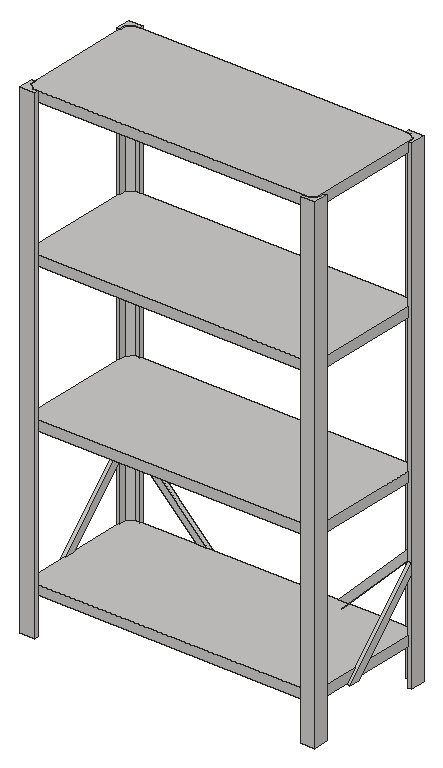
Revit family "QF_ZANUSSI_132946_NSC1170", category Attrezzature speciali, Revit 2020
Family settings
  Quota connettore circolare = Usa diametro
  Tipo di parte = Normale
  Basato su piano di lavoro = No
  Sempre verticale = Sì
  Taglio con vuoti quando caricato = No
  Condiviso = No
  Punto di calcolo locali = No
Parameters (values of type "Standard")
  Weight = 37.00 kg
  Watts = 0 W
  Volts = 0 V
  URL Manufacturer = "http://www.zanussiprofessional.com"
  URL = "http://www.zanussiprofessional.com"
  Steam Supply Size = 0 mm
  Steam Supply Minimum Pressure = 0.0 Pa
  Steam Supply Maximum Pressure = 0.0 Pa
  Steam Consumption per Hour = 0
  Refrigeration Suction Line Size = 0.0 mm
  Refrigeration Liquid Line Size = 0.0 mm
  Refrigerant Compressor Remote = yes
  Prospetto di default = 0.0 mm
  Phase = 0
  Modello = "NSC1170"
  Produttore = "Zanussi"
  Length Actual = 1200.0 mm  # constant formula
  Item Number = "132946"
  Hot Water Size = 0 mm
  Height Actual = 1990.0 mm  # constant formula
  HP = "0 HP"
  Gas Size = 0 mm
  Gas KW = 0
  Gas Input Pressure = 0 W
  Direct Waste Size = 0 mm
  Descrizione = "S/S SHELVING WITH 4 SOLID SHELVES, 1170MM"
  Depth Actual = 550.0 mm  # constant formula
  Cycle = 0 Hz
  Condensate Return Size = 0 mm
  Compressed Air Volume = 0.0 L/s
  Compressed Air Size = 0 mm
  Compressed Air Pressure = 0.0 Pa
  Cold Water Size = 0 mm
  Accessory = yes
Reference planes
  plane 1 "Center (Front/Back)": y = 0
  plane 2: z = 0
  plane 3 "Center (Left/Right)": x = 0
  plane 4 "LEFT": x = -600
  plane 5 "RIGHT": x = 600
  plane 6 "BACK": y = 275
  plane 7 "FRONT": y = -275
  plane 8 "L1": z = 190
  plane 9 "TOP": z = 1990
  plane 10 "L2": z = 790
  plane 11 "L3": z = 1390
  plane 12: x = 540
  plane 13: y = -215
  plane 14: y = 215
  plane 15: x = -540
Forms (mm)
  Extrusion 1, solid, material "QF_Finishes_Stainless Steel"
    sketch origin (0, 0, 0) x (1, 0, 0) y (0, 1, 0)
      loop
        line (-600, 275) -> (-600, 215) -> (-585, 215) -> (-585, 237.5) -> (-562.5, 260) -> (-540, 260) -> (-540, 275) -> (-600, 275)
      loop
        line (-600, -275) -> (-540, -275) -> (-540, -260) -> (-562.5, -260) -> (-585, -237.5) -> (-585, -215) -> (-600, -215) -> (-600, -275)
    from 0 to 1990
  Extrusion 2, solid, material "QF_Finishes_Stainless Steel"
    sketch origin (0, 0, 1990) x (0, 1, 0) y (-1, 0, 0)
      loop
        line (-237.5, 585) -> (-260, 562.5) -> (-260, -562.5) -> (-237.5, -585) -> (237.5, -585) -> (260, -562.5) -> (260, 562.5) -> (237.5, 585) -> (-237.5, 585)
    from 0 to -40
  Extrusion 3, solid, material "QF_Finishes_Stainless Steel"
    sketch origin (0, 275, 0) x (1, 0, 0) y (0, 0, -1)
      loop
        line (270.026, -150) -> (227.6, -150) -> (557.678, -480.078) -> (578.891, -458.864) -> (270.026, -150)
    from 0 to -15
  Extrusion 4, solid, material "QF_Finishes_Stainless Steel"
    sketch origin (-600, 0, 0) x (0, 1, 0) y (0, 0, 1)
      loop
        line (-54.974, 150) -> (253.891, 458.864) -> (232.678, 480.078) -> (-97.4, 150) -> (-54.974, 150)
    from 0 to 15
  Extrusion 5, solid, material "QF_Finishes_Stainless Steel"
    sketch origin (600, 0, 0) x (0, 1, 0) y (0, 0, 1)
      loop
        line (-54.974, 150) -> (253.891, 458.864) -> (232.678, 480.078) -> (-97.4, 150) -> (-54.974, 150)
    from 0 to -15
  Extrusion 6, solid, material "QF_Finishes_Stainless Steel"
    sketch origin (0, 0, 0) x (-1, 0, 0) y (0, -1, 0)
      loop
        line (-600, -275) -> (-540, -275) -> (-540, -260) -> (-562.5, -260) -> (-585, -237.5) -> (-585, -215) -> (-600, -215) -> (-600, -275)
      loop
        line (-600, 275) -> (-600, 215) -> (-585, 215) -> (-585, 237.5) -> (-562.5, 260) -> (-540, 260) -> (-540, 275) -> (-600, 275)
    from 0 to 1990
  Extrusion 7, solid, material "QF_Finishes_Stainless Steel"
    sketch origin (0, 0, 190) x (0, 1, 0) y (-1, 0, 0)
      loop
        line (-237.5, 585) -> (-260, 562.5) -> (-260, -562.5) -> (-237.5, -585) -> (237.5, -585) -> (260, -562.5) -> (260, 562.5) -> (237.5, 585) -> (-237.5, 585)
    from 0 to -40
  Extrusion 8, solid, material "QF_Finishes_Stainless Steel"
    sketch origin (0, 0, 790) x (0, 1, 0) y (-1, 0, 0)
      loop
        line (-237.5, 585) -> (-260, 562.5) -> (-260, -562.5) -> (-237.5, -585) -> (237.5, -585) -> (260, -562.5) -> (260, 562.5) -> (237.5, 585) -> (-237.5, 585)
    from 0 to -40
  Extrusion 9, solid, material "QF_Finishes_Stainless Steel"
    sketch origin (0, 0, 1390) x (0, 1, 0) y (-1, 0, 0)
      loop
        line (-237.5, 585) -> (-260, 562.5) -> (-260, -562.5) -> (-237.5, -585) -> (237.5, -585) -> (260, -562.5) -> (260, 562.5) -> (237.5, 585) -> (-237.5, 585)
    from 0 to -40
  Extrusion 10, solid, material "QF_Finishes_Stainless Steel"
    sketch origin (0, 275, 0) x (-1, 0, 0) y (0, 0, 1)
      loop
        line (270.026, 150) -> (578.891, 458.864) -> (557.678, 480.078) -> (227.6, 150) -> (270.026, 150)
    from 0 to -15
Cuts and joins
  joined: Extrusion 1, Extrusion 3, Extrusion 4, Extrusion 5
Lines and regions (mm)
  symbolic lines
    curve 1: line (-600, 215, 190) -> (-600, 275, 190)
    curve 2: line (-600, 275, 190) -> (-540, 275, 190)
    curve 3: line (-540, 275, 190) -> (-540, 260, 190)
    curve 4: line (-540, 260, 190) -> (-562.5, 260, 190)
    curve 5: line (-562.5, 260, 190) -> (-585, 237.5, 190)
    curve 6: line (-585, 237.5, 190) -> (-585, 215, 190)
    curve 7: line (-585, 215, 190) -> (-600, 215, 190)
    curve 8: line (-600, -215, 190) -> (-585, -215, 190)
    curve 9: line (-585, -215, 190) -> (-585, -237.5, 190)
    curve 10: line (-585, -237.5, 190) -> (-562.5, -260, 190)
    curve 11: line (-562.5, -260, 190) -> (-540, -260, 190)
    curve 12: line (-540, -260, 190) -> (-540, -275, 190)
    curve 13: line (-540, -275, 190) -> (-600, -275, 190)
    curve 14: line (-600, -275, 190) -> (-600, -215, 190)
    curve 15: line (540, -275, 190) -> (600, -275, 190)
    curve 16: line (600, -275, 190) -> (600, -215, 190)
    curve 17: line (600, -215, 190) -> (585, -215, 190)
    curve 18: line (585, -215, 190) -> (585, -237.5, 190)
    curve 19: line (585, -237.5, 190) -> (562.5, -260, 190)
    curve 20: line (562.5, -260, 190) -> (540, -260, 190)
    curve 21: line (540, -260, 190) -> (540, -275, 190)
    curve 22: line (540, 275, 190) -> (540, 260, 190)
    curve 23: line (540, 260, 190) -> (562.5, 260, 190)
    curve 24: line (562.5, 260, 190) -> (585, 237.5, 190)
    curve 25: line (585, 237.5, 190) -> (585, 215, 190)
    curve 26: line (585, 215, 190) -> (600, 215, 190)
    curve 27: line (600, 215, 190) -> (600, 275, 190)
    curve 28: line (600, 275, 190) -> (540, 275, 190)
    curve 29: line (-540, 260, 190) -> (540, 260, 190)
    curve 30: line (585, 215, 190) -> (585, -215, 190)
    curve 31: line (540, -260, 190) -> (-540, -260, 190)
    curve 32: line (-585, -215, 190) -> (-585, 215, 190)
    curve 33: line (-600, -275, 190) -> (600, 275, 190)
Dimensions and locks
  plane 4 "LEFT" to plane 5 "RIGHT" = 1200.0 mm
  equal spacing: plane 4 "LEFT", plane 3 "Center (Left/Right)", plane 5 "RIGHT"
  equal spacing: plane 6 "BACK", plane 1 "Center (Front/Back)", plane 7 "FRONT"
  plane 6 "BACK" to plane 7 "FRONT" = 550.0 mm
  locked: plane 8 "L1" to level at 190
  locked: plane 9 "TOP" to level at 1990
  plane 9 "TOP" to plane 11 "L3" to plane 10 "L2" to plane 8 "L1" = 600.0 mm, 600.0 mm, 600.0 mm
  locked: cut or joined group of Extrusion 1, Extrusion 3, Extrusion 4, Extrusion 5 to cut or joined group of Extrusion 1, Extrusion 3, Extrusion 4, Extrusion 5 at 30
  locked: plane 5 "RIGHT" to Extrusion 3 sketch curve at 329.974
  locked: plane 6 "BACK" to plane 14 at 60
  locked: plane 13 to plane 7 "FRONT" at 60
  locked: plane 15 to plane 4 "LEFT" at 60
  locked: plane 5 "RIGHT" to plane 12 at 60
  locked: plane 8 "L1" to cut or joined group of Extrusion 1, Extrusion 3, Extrusion 4, Extrusion 5 (angle 45.00°)
  aligned and locked: level to plane 2
  aligned and locked: plane 4 "LEFT" to cut or joined group of Extrusion 1, Extrusion 3, Extrusion 4, Extrusion 5
  aligned and locked: cut or joined group of Extrusion 1, Extrusion 3, Extrusion 4, Extrusion 5 to plane 15
Automatic sketch dimensions
  Extrusion 1 sketch curve to plane 4 "LEFT" = 0.0 mm  (x2)
  Extrusion 1 sketch curve to plane 13 = 0.0 mm
  Extrusion 1 sketch curve to plane 14 = 0.0 mm
  Extrusion 1 sketch curve to plane 15 = 0.0 mm  (x2)
  Extrusion 1 sketch curve to plane 6 "BACK" = 0.0 mm
  Extrusion 1 sketch curve to plane 7 "FRONT" = 0.0 mm
  plane 4 "LEFT" to Extrusion 1 sketch curve = 15.0 mm  (x2)
  plane 15 to Extrusion 1 sketch curve = 22.5 mm  (x2)
  plane 7 "FRONT" to Extrusion 1 sketch curve = 15.0 mm
  Extrusion 1 sketch curve to Extrusion 1 sketch curve = 22.5 mm
  plane 14 to Extrusion 1 sketch curve = 22.5 mm
  Extrusion 1 sketch curve to Extrusion 1 sketch curve = 15.0 mm
  plane 7 "FRONT" to Extrusion 2 sketch curve = 15.0 mm
  Extrusion 2 sketch curve to plane 13 = 22.5 mm  (x2)
  plane 14 to Extrusion 2 sketch curve = 22.5 mm  (x2)
  Extrusion 2 sketch curve to plane 6 "BACK" = 15.0 mm
  Extrusion 2 sketch curve to plane 5 "RIGHT" = 15.0 mm
  Extrusion 2 sketch curve to plane 12 = 22.5 mm  (x2)
  plane 15 to Extrusion 2 sketch curve = 22.5 mm  (x2)
  plane 4 "LEFT" to Extrusion 2 sketch curve = 15.0 mm
  plane 8 "L1" to Extrusion 3 sketch curve = 40.0 mm
  Extrusion 3 sketch curve to Extrusion 3 sketch curve = 42.426 mm
  plane 12 to Extrusion 3 sketch curve = 17.678 mm
  plane 5 "RIGHT" to Extrusion 3 sketch curve = 21.109 mm
  Extrusion 4 sketch curve to plane 8 "L1" = 40.0 mm
  plane 1 "Center (Front/Back)" to Extrusion 4 sketch curve = 97.4 mm
  Extrusion 4 sketch curve to Extrusion 4 sketch curve = 42.426 mm
  plane 14 to Extrusion 4 sketch curve = 17.678 mm
  Extrusion 4 sketch curve to plane 6 "BACK" = 21.109 mm
  Extrusion 5 sketch curve to plane 8 "L1" = 40.0 mm
  plane 1 "Center (Front/Back)" to Extrusion 5 sketch curve = 97.4 mm
  Extrusion 5 sketch curve to Extrusion 5 sketch curve = 42.426 mm
  plane 14 to Extrusion 5 sketch curve = 17.678 mm
  Extrusion 5 sketch curve to plane 6 "BACK" = 21.109 mm
  Extrusion 6 sketch curve to plane 5 "RIGHT" = 0.0 mm  (x2)
  plane 13 to Extrusion 6 sketch curve = 0.0 mm
  plane 14 to Extrusion 6 sketch curve = 0.0 mm
  Extrusion 6 sketch curve to plane 12 = 0.0 mm  (x2)
  Extrusion 6 sketch curve to plane 6 "BACK" = 0.0 mm
  plane 7 "FRONT" to Extrusion 6 sketch curve = 0.0 mm
  plane 5 "RIGHT" to Extrusion 6 sketch curve = 15.0 mm  (x2)
  plane 12 to Extrusion 6 sketch curve = 22.5 mm  (x2)
  Extrusion 6 sketch curve to plane 7 "FRONT" = 15.0 mm
  plane 13 to Extrusion 6 sketch curve = 22.5 mm
  Extrusion 6 sketch curve to Extrusion 6 sketch curve = 22.5 mm
  plane 6 "BACK" to Extrusion 6 sketch curve = 15.0 mm
  plane 7 "FRONT" to Extrusion 7 sketch curve = 15.0 mm
  Extrusion 7 sketch curve to plane 13 = 22.5 mm  (x2)
  plane 14 to Extrusion 7 sketch curve = 22.5 mm  (x2)
  Extrusion 7 sketch curve to plane 6 "BACK" = 15.0 mm
  Extrusion 7 sketch curve to plane 5 "RIGHT" = 15.0 mm
  Extrusion 7 sketch curve to plane 12 = 22.5 mm  (x2)
  plane 15 to Extrusion 7 sketch curve = 22.5 mm  (x2)
  plane 4 "LEFT" to Extrusion 7 sketch curve = 15.0 mm
  plane 7 "FRONT" to Extrusion 8 sketch curve = 15.0 mm
  Extrusion 8 sketch curve to plane 13 = 22.5 mm  (x2)
  plane 14 to Extrusion 8 sketch curve = 22.5 mm  (x2)
  Extrusion 8 sketch curve to plane 6 "BACK" = 15.0 mm
  Extrusion 8 sketch curve to plane 5 "RIGHT" = 15.0 mm
  Extrusion 8 sketch curve to plane 12 = 22.5 mm  (x2)
  plane 15 to Extrusion 8 sketch curve = 22.5 mm  (x2)
  plane 4 "LEFT" to Extrusion 8 sketch curve = 15.0 mm
  plane 7 "FRONT" to Extrusion 9 sketch curve = 15.0 mm
  Extrusion 9 sketch curve to plane 13 = 22.5 mm  (x2)
  plane 14 to Extrusion 9 sketch curve = 22.5 mm  (x2)
  Extrusion 9 sketch curve to plane 6 "BACK" = 15.0 mm
  Extrusion 9 sketch curve to plane 5 "RIGHT" = 15.0 mm
  Extrusion 9 sketch curve to plane 12 = 22.5 mm  (x2)
  plane 15 to Extrusion 9 sketch curve = 22.5 mm  (x2)
  plane 4 "LEFT" to Extrusion 9 sketch curve = 15.0 mm
  curve 21 to plane 7 "FRONT" = 0.0 mm
  curve 33 to plane 4 "LEFT" = 0.0 mm
  curve 33 to plane 7 "FRONT" = 0.0 mm
  curve 31 to plane 12 = 0.0 mm
  curve 31 to plane 15 = 0.0 mm
  curve 8 to plane 13 = 0.0 mm
  plane 13 to curve 30 = 0.0 mm
  curve 1 to plane 4 "LEFT" = 0.0 mm
  curve 1 to plane 14 = 0.0 mm
  curve 26 to plane 5 "RIGHT" = 0.0 mm
  plane 14 to curve 26 = 0.0 mm
  curve 4 to plane 15 = 0.0 mm
  curve 23 to plane 12 = 0.0 mm
  plane 6 "BACK" to curve 27 = 0.0 mm
  curve 3 to plane 6 "BACK" = 0.0 mm
  curve 16 to plane 5 "RIGHT" = 0.0 mm
  curve 15 to curve 31 = 15.0 mm
  curve 10 to plane 13 = 22.5 mm
  curve 19 to plane 13 = 22.5 mm
  curve 25 to curve 24 = 22.5 mm
  curve 6 to curve 6 = 22.5 mm
  curve 23 to plane 6 "BACK" = 15.0 mm
  curve 26 to curve 25 = 15.0 mm
  curve 24 to curve 22 = 22.5 mm
  curve 20 to curve 20 = 22.5 mm
  plane 15 to curve 4 = 22.5 mm
  plane 15 to curve 11 = 22.5 mm
  plane 4 "LEFT" to curve 6 = 15.0 mm
  Extrusion 10 sketch curve to plane 8 "L1" = 40.0 mm
  Extrusion 10 sketch curve to plane 15 = 312.4 mm
  Extrusion 10 sketch curve to Extrusion 10 sketch curve = 42.426 mm
  plane 15 to Extrusion 10 sketch curve = 17.678 mm
  plane 4 "LEFT" to Extrusion 10 sketch curve = 21.109 mm
